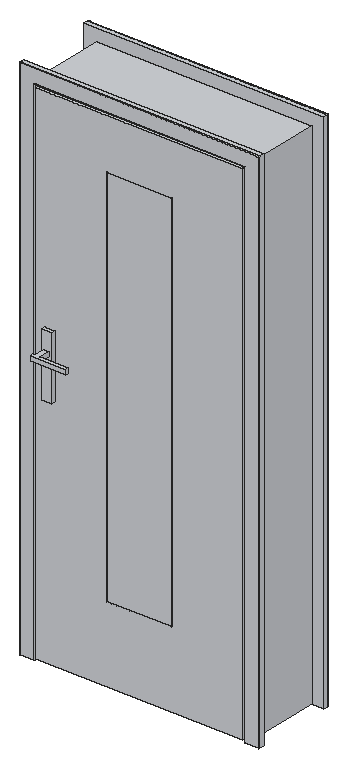
Revit family "NaturaIMPRESSbp_5", category Drzwi, Revit 2016
Family settings
  Obiekt nadrzędny = Ściana
  Zawsze pionowo = Tak
  Tnij formami wycięć po wczytaniu = Nie
  Współdzielony = Nie
  Punkt obliczania pomieszczeń = Nie
Parameters (values of type "PN 80")
  Zakres szerokości muru [instance] = if(and(Szerokość ściany > 94 mm, Szerokość ściany < 120 mm), "B", (if(and(Szerokość ściany > 119 mm, Szerokość ściany < 140 mm), "C", (if(and(Szerokość ściany > 139 mm, Szerokość ściany < 160 mm), "D", (if(and(Szerokość ściany > 159 mm, Szerokość ściany < 180 mm), "E", (if(and(Szerokość ściany > 179 mm, Szerokość ściany < 200 mm), "F", (if(and(Szerokość ściany > 199 mm, Szerokość ściany < 220 mm), "G", (if(and(Szerokość ściany > 219 mm, Szerokość ściany < 240 mm), "H", (if(and(Szerokość ściany > 239 mm, Szerokość ściany < 260 mm), "I", (if(and(Szerokość ściany > 259 mm, Szerokość ściany < 280 mm), "J", (if(and(Szerokość ściany > 279 mm, Szerokość ściany < 301 mm), "K", "BRAK")))))))))))))))))))  # "K"
  Wysokość brutto = 2060 mm
  Szerokość ściany [instance] = 300 mm
  Szerokość brutto = 880 mm
  Model = "Natura IMPRESS 5"
  Materiał_relief = none
  Konstrukcja analityczna = "<Brak>"
  Funkcja = Wewnętrzna
  URL = "www.porta.com.pl"
  Ss = 818 mm
  Sb = 846 mm
  Producent = "PORTA KMI POLAND"  # constant formula
  Keynote = ""
  Opis = "Własność Porta KMI Poland, wszelkie prawa zastrzeżone."  # constant formula
  Wysokość = 2016 mm
  Zakończenie ściany = Wg obiektu nadrzędnego
  Szerokość = 800 mm
  Materiał_skrzydło [instance] = none
  Materiał_ościeżnica [instance] = none
  Materiał_klamka [instance] = none
  Hs = 2017 mm
Types (5, lengths in mm): name | Szerokość brutto | Ss | Sb | Szerokość
  PN 70 | 780 | 718 | 746 | 700
  PN 60 | 680 | 618 | 646 | 600
  PN 80 | 880 | 818 | 846 | 800
  PN 90 | 980 | 918 | 946 | 900
  PN 100 | 1080 | 1018 | 1046 | 1000
Reference planes
  plane 1: y = 0
  plane 2 "Środek (Lewa/Prawa)": x = 0
  plane 3 "Lewy": x = -440
  plane 4 "Prawy": x = 440
  plane 5: z = 2060
  plane 6 "Zewnętrzna": y = 150
  plane 7 "Wewnętrzna": y = -150
  plane 8 "skrzydło": y = -129
  plane 9: x = -409
  plane 10: x = 409
Forms (mm)
  Sweep 1, solid, material <- "Materiał_ościeżnica"
    path in 3D
      loop
        line (-440, -150, 0) -> (-440, -150, 2060) -> (440, -150, 2060) -> (440, -150, 0)
    profile origin (-440, -150, 1030) x (0, -1, 0) y (1, 0, 0)
      loop
        line (-24, 39) -> (-72, 39) -> (-72, 17) -> (0, 17) -> (0, -33) -> (16, -33)
        arc (16, -33) -> (18.121, -32.121) -> (19, -30) r 3
        line (19, -30) -> (19, 24)
        arc (19, 24) -> (18.121, 26.121) -> (16, 27) r 3
        line (16, 27) -> (-24, 27) -> (-24, 39)
  Sweep 2, solid, material <- "Materiał_ościeżnica"
    path in 3D
      loop
        line (440, 150, 0) -> (440, 150, 2060) -> (-440, 150, 2060) -> (-440, 150, 0)
    profile origin (-440, 150, 1030) x (1, 0, 0) y (0, 1, 0)
      loop
        line (-33, 0) -> (17, 0) -> (17, -228) -> (39, -228) -> (39, -1)
        arc (39, -1) -> (37.536, 2.536) -> (34, 4) r 5
        line (34, 4) -> (25, 4) -> (25, 16)
        arc (25, 16) -> (24.121, 18.121) -> (22, 19) r 3
        line (22, 19) -> (-30, 19)
        arc (-30, 19) -> (-32.121, 18.121) -> (-33, 16) r 3
        line (-33, 16) -> (-33, 0)
  Sweep 3, solid, not visible
    path in 3D
      loop
        line (-440, -150, 0) -> (-440, -150, 2060)
    profile origin (-440, -150, 1030) x (0, -1, 0) y (1, 0, 0)
      loop
        line (-151, 17) -> (-149, 17) -> (-149, 19) -> (-151, 19) -> (-151, 17)
Cuts and joins
  joined: Sweep 1, Sweep 2
Lines and regions (mm)
  Opening 1
    outline origin (-3050, -150, 0) x (1, 0, 0) y (0, 0, 1)
      loop
        line (2610, 0) -> (3490, 0) -> (3490, 2060) -> (2610, 2060) -> (2610, 0)
  sketch lines
    curve 1: line (-440, -150, 0) -> (-440, -150, 2060)
    curve 2: line (-440, -150, 2060) -> (440, -150, 2060)
    curve 3: line (440, -150, 2060) -> (440, -150, 0)
    curve 4: line (-440, 150, 2060) -> (-440, 150, 0)
    curve 5: line (440, 150, 2060) -> (-440, 150, 2060)
    curve 6: line (440, 150, 0) -> (440, 150, 2060)
    curve 12: line (-440, -150, 0) -> (-440, -150, 2060)
  symbolic lines, style "DoorsPanelProjection"
    curve 7: line (409, -150, 0) -> (409, -968, 0)
    curve 8: line (409, -968, 0) -> (369, -968, 0)
    curve 9: line (369, -968, 0) -> (369, -150, 0)
    curve 10: line (369, -150, 0) -> (409, -150, 0)
  symbolic lines, style "Ugięcie rzutu"
    curve 11: arc (-409, -150, 0) -> (-169.413, -728.413, 0) -> (409, -968, 0) r 818
Text (mm)
  text "Zewnętrzna" at (-2295.016, 1099.543, 0), in view "Poziom odniesienia"
  text "Zewnętrzna" at (0, 1615.38, 3698.081), in view "Lewy"
  text "Zewnętrzna" at (0, 1036.032, 3874.932), in view "Prawy"
Dimensions and locks
  equal spacing: plane 3 "Lewy", plane 2 "Środek (Lewa/Prawa)", plane 4 "Prawy"
  "Szerokość brutto": plane 3 "Lewy" to plane 4 "Prawy"
  "Wysokość brutto": plane 5 to host wall
  host wall to plane 5 = 2060 mm  (x2)
  locked: plane 6 "Zewnętrzna" to host wall at 0
  locked: plane 7 "Wewnętrzna" to host wall
  "Sb": Sweep 1 to Sweep 1
  locked: Sweep 1 sketch curve to Sweep 1 sketch curve at 22
  Sweep 1 sketch curve to Sweep 1 sketch curve = 50 mm
  locked: Sweep 1 sketch curve to profile plane at 72
  locked: Sweep 2 sketch curve to Sweep 2 sketch curve at 50
  locked: Sweep 2 sketch curve to Sweep 2 sketch curve at 22
  locked: Sweep 2 sketch curve to plane 6 "Zewnętrzna" at 1
  locked: curve 9 to curve 7 at 40
  "Ss": curve 8 to curve 10
  equal spacing: curve 11, plane 2 "Środek (Lewa/Prawa)", curve 7
  locked: plane 7 "Wewnętrzna" to plane 8 "skrzydło" at 21
  locked: host wall to Sweep 3 sketch curve at 1
  locked: Sweep 3 sketch curve to host wall at 1
  locked: Sweep 3 sketch curve to plane 6 "Zewnętrzna" at 151
  locked: plane 7 "Wewnętrzna" to Sweep 3 sketch curve at 151
  nested 1 to plane 2 "Środek (Lewa/Prawa)" to nested 1 = 409 mm, 409 mm
  "Szerokość ściany": host wall to host wall
  equal spacing: plane 9, plane 2 "Środek (Lewa/Prawa)", plane 10
  "Ss": plane 9 to plane 10
  aligned and locked: plane 3 "Lewy" to Opening 1 sketch curve
  aligned and locked: plane 5 to Opening 1 sketch curve  (x2)
  aligned and locked: Opening 1 sketch curve to plane 4 "Prawy"
  aligned and locked: Opening 1 sketch curve to level
  aligned and locked: plane 1 to host wall
  aligned and locked: Sweep 1 to Sweep 2 sketch curve
  aligned and locked: plane 7 "Wewnętrzna" to curve 10
  aligned and locked: Sweep 3 sketch curve to cut or joined group of Sweep 1, Sweep 2
  aligned and locked: Sweep 2 sketch curve to cut or joined group of Sweep 1, Sweep 2
  aligned and locked: nested 1 to plane 8 "skrzydło"
  aligned and locked: nested 1 to plane 9
Automatic sketch dimensions
  profile plane to Sweep 1 sketch curve = 24 mm
  Sweep 1 sketch curve to profile plane = 16 mm  (x2)
  Sweep 1 sketch curve to Sweep 1 sketch curve = 3 mm
  profile plane to Sweep 1 sketch curve = 17 mm
  Sweep 1 sketch curve to Sweep 1 sketch curve = 7 mm
  Sweep 1 sketch curve to profile plane = 0 mm
  Sweep 2 sketch curve to profile plane = 0 mm
  Sweep 2 sketch curve to profile plane = 16 mm
  Sweep 2 sketch curve to Sweep 2 sketch curve = 3 mm
  Sweep 2 sketch curve to Sweep 2 sketch curve = 5 mm
  Sweep 2 sketch curve to profile plane = 4 mm
  Sweep 2 sketch curve to Sweep 2 sketch curve = 8 mm
  curve 11 to host wall = 0 mm
  Sweep 3 sketch curve to Sweep 3 sketch curve = 2 mm
Nested families
  nested 1: "skrzydło" at (0, -135.5, 0), type "skrzydło"
Definition of nested family "skrzydło"
  Parameters
    Ss = 818 mm
    Materiał_skrzydło = none
    Materiał_klamka = none
    Materiał relief = none
    Hs = 2017 mm
  Reference planes
    plane 1 "Tył": y = 6.5
    plane 2: z = 0
    plane 3 "Środek (Lewa/Prawa)": x = 0
    plane 4 "Przód": y = -33.5
    plane 5: z = 2025
    plane 6 "Centrum": y = -13.5
    plane 7: z = 8
    plane 8: x = -409
    plane 9: x = 409
    plane 10: x = -127.5
    plane 11: x = 127.5
    plane 12: z = 1825
    plane 13: z = 308
  Forms (mm)
    Extrusion 1, solid, material <- "Materiał_skrzydło"
      sketch origin (-892.016, -13.5, 1200) x (-1, 0, 0) y (0, 0, 1)
        loop
          line (-1301.016, -1192) -> (-483.016, -1192) -> (-483.016, 825) -> (-1301.016, 825) -> (-1301.016, -1192)
        loop
          line (-1019.516, 625) -> (-1019.516, -892) -> (-764.516, -892) -> (-764.516, 625) -> (-1019.516, 625)
      from 20 to -20
    Extrusion 2, solid, material <- "Materiał relief"
      sketch origin (0, 6.5, 0) x (1, 0, 0) y (0, 0, 1)
        loop
          line (-127.5, 1825) -> (-127.5, 308) -> (127.5, 308) -> (127.5, 1825) -> (-127.5, 1825)
      from 0 to 40
  Dimensions and locks
    locked: plane 7 to level at 8
    "Hs": plane 5 to plane 7
    locked: nested 1 to plane 7 at 934
    locked: plane 7 to nested 2 at 934
    equal spacing: plane 4 "Przód", plane 6 "Centrum", plane 1 "Tył"
    "Ss": plane 8 to plane 9
    locked: plane 8 to nested 1 at 55
    locked: plane 8 to nested 2 at 55
    equal spacing: plane 8, plane 3 "Środek (Lewa/Prawa)", plane 9
    plane 11 to plane 3 "Środek (Lewa/Prawa)" to plane 10 = 127.5 mm locked, 127.5 mm locked
    plane 5 to plane 12 = 200 mm
    plane 13 to plane 7 = 300 mm
    aligned and locked: nested 1 to plane 4 "Przód"
    aligned and locked: nested 2 to nested 1
    aligned and locked: Extrusion 1 sketch curve to plane 9
    aligned and locked: Extrusion 1 to plane 4 "Przód"
    aligned and locked: Extrusion 1 to plane 1 "Tył"
    aligned and locked: Extrusion 2 to plane 4 "Przód"
    aligned and locked: Extrusion 2 sketch curve to plane 10
    aligned and locked: plane 8 to Extrusion 1 sketch curve
    aligned and locked: plane 5 to Extrusion 1 sketch curve
    aligned and locked: plane 7 to Extrusion 1 sketch curve
    aligned and locked: plane 10 to Extrusion 1 sketch curve
    aligned and locked: plane 11 to Extrusion 1 sketch curve
    aligned and locked: plane 11 to Extrusion 2 sketch curve
    aligned and locked: plane 13 to Extrusion 1 sketch curve
    aligned and locked: plane 12 to Extrusion 1 sketch curve
    aligned and locked: Extrusion 2 sketch curve to plane 12
    aligned and locked: Extrusion 2 sketch curve to plane 13
  Nested families
    nested 1: "KLAMKA" at (-354, -33.5, 1067), Materiał klamki <- "Materiał_klamka", type "KLAMKA"
      with Materiał klamki none
    nested 2: "KLAMKA" at (-354, 6.5, 1067), Materiał klamki <- "Materiał_klamka", type "KLAMKA"
      with Materiał klamki none
  Definition of nested family "KLAMKA"
    Parameters
      Materiał klamki [instance] = none
      Assembly Code = ""
      Default Elevation = 1219.2 mm
    Reference planes
      plane 1 "Center (Front/Back)": y = 0
      plane 2: z = 0
      plane 3 "Center (Left/Right)": x = 0
      plane 4: z = 125
      plane 5: z = -125
      plane 6: x = 20
      plane 7: x = -20
      plane 8: y = -70
      plane 9: y = -60
      plane 10: x = 10
      plane 11: x = -10
      plane 12: x = 120
      plane 13: z = 35
      plane 14: z = 55
      plane 15: y = -15
    Forms (mm)
      Extrusion 1, solid, material <- "Materiał klamki"
        sketch origin (0, 0, 0) x (1, 0, 0) y (0, 0, 1)
          loop
            line (-20, 125) -> (-20, -125) -> (20, -125) -> (20, 125) -> (-20, 125)
        from 0 to 15
      Extrusion 2, solid, material <- "Materiał klamki"
        sketch origin (0, 0, 0) x (1, 0, 0) y (0, 1, 0)
          loop
            line (-10, -15) -> (-10, -60) -> (-20, -60) -> (-20, -70) -> (120, -70) -> (120, -60) -> (10, -60) -> (10, -15) -> (-10, -15)
        from 35 to 55
    Dimensions and locks
      equal spacing: plane 4, plane 2, plane 5
      plane 4 to plane 5 = 250 mm
      equal spacing: plane 7, plane 3 "Center (Left/Right)", plane 6
      plane 7 to plane 6 = 40 mm
      plane 8 to plane 1 "Center (Front/Back)" = 70 mm
      plane 11 to plane 3 "Center (Left/Right)" to plane 10 = 10 mm locked, 10 mm locked
      plane 7 to plane 12 = 140 mm
      plane 15 to plane 1 "Center (Front/Back)" = 15 mm
      aligned and locked: plane 7 to Extrusion 1 sketch curve
      aligned and locked: Extrusion 1 sketch curve to plane 4
      aligned and locked: plane 5 to Extrusion 1 sketch curve
      aligned and locked: Extrusion 1 sketch curve to plane 6
      aligned and locked: plane 15 to Extrusion 1
      aligned and locked: Extrusion 1 to plane 1 "Center (Front/Back)"
      aligned and locked: plane 14 to Extrusion 2
      aligned and locked: Extrusion 2 to plane 13
    Automatic sketch dimensions
      Extrusion 2 sketch curve to plane 7 = 0 mm
      Extrusion 2 sketch curve to plane 9 = 0 mm  (x2)
      Extrusion 2 sketch curve to plane 11 = 0 mm
      Extrusion 2 sketch curve to plane 10 = 0 mm
      Extrusion 2 sketch curve to plane 12 = 0 mm
      Extrusion 2 sketch curve to plane 8 = 0 mm
      Extrusion 2 sketch curve to plane 15 = 0 mm
